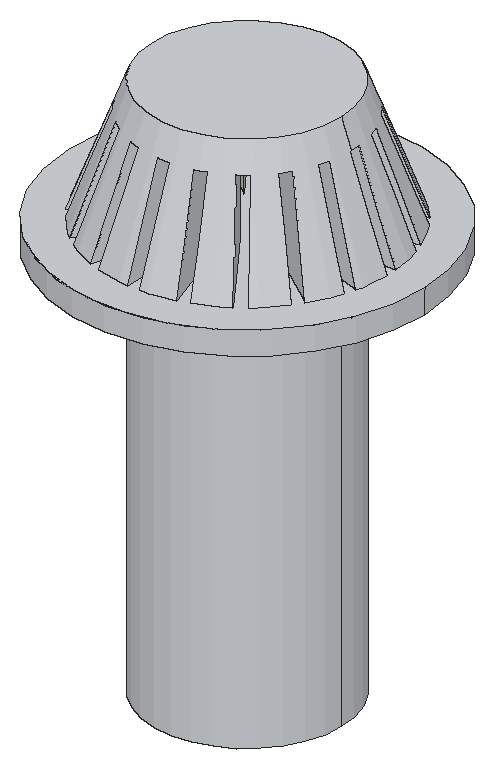
Revit family "30ce4ad0bd6b46ecb4714544674097fd", category Mechanical Equipment, host Face, Revit 2021
Family settings
  Host = Face
  Round Connector Dimension = Use Radius
  Part Type = Normal
  OmniClass Number = 23.70.50.24.17
  OmniClass Title = Siphonic Drains
  Seek Item ID = Roof Drain-0000-USA-ENU
  Cut with Voids When Loaded = No
  Shared = No
  Room Calculation Point = No
Parameters (values of type "15" Strainer - 8" Drain")
  Pipe Radius = 4"
  Pipe Diameter = Pipe Radius * 2  # 8"
  Roof Drain Material = none
  Pipe Material = none
  Overall Radius = 0' - 7 1/2"
  Overall Diameter = Overall Radius * 2  # 1' - 3"
  Default Elevation = 0' - 0"
  Assembly Code = ""
Reference planes (in)
  plane 1 "Center (Front/Back)": y = 0
  plane 2: z = 0
  plane 3 "Center (Left/Right)": x = 0
Forms (in)
  Extrusion 1, solid, material <- "Pipe Material"
    sketch origin (0, 0, 0) x (1, 0, 0) y (0, 1, 0)
      loop
        circle (0, 0) r 4
    from -16.79912 to 0
  Extrusion 2, solid, material <- "Roof Drain Material"
    sketch origin (0, 0, 0) x (1, 0, 0) y (0, 1, 0)
      loop
        circle (0, 0) r 7.5
    from 0 to 1
  Blend 3, solid, material <- "Roof Drain Material"
    base sketch origin (0, 0, 0) x (1, 0, 0) y (0, 1, 0)
      loop
        circle (0, 0) r 6
    top sketch origin (0, 0, 0) x (1, 0, 0) y (0, 1, 0)
      loop
        circle (0, 0) r 4
    from 1 to 6.25
  Extrusion 4, void
    sketch origin (1.50294, 0, 0) x (1, 0, 0) y (0, 1, 0)
      loop
        line (-1.75294, 7) -> (-1.75294, -6.78171) -> (-1.25294, -6.78171) -> (-1.25294, 7) -> (-1.75294, 7)
    from 1 to 5.13242
  Extrusion 5, void
    sketch origin (1.28006, 0.90425, 0) x (0.809017, 0.587785, 0) y (-0.587785, 0.809017, 0)
      loop
        line (-1.75294, 7) -> (-1.75294, -6.78171) -> (-1.25294, -6.78171) -> (-1.25294, 7) -> (-1.75294, 7)
    from 1 to 5.13242
  Extrusion 6, void
    sketch origin (0.97171, 1.26089, 0) x (0.587785, 0.809017, 0) y (-0.809017, 0.587785, 0)
      loop
        line (-1.75294, 7) -> (-1.75294, -6.78171) -> (-1.25294, -6.78171) -> (-1.25294, 7) -> (-1.75294, 7)
    from 1 to 5.13242
  Extrusion 7, void
    sketch origin (0.56824, 1.5048, 0) x (0.309017, 0.951057, 0) y (-0.951057, 0.309017, 0)
      loop
        line (-1.75294, 7) -> (-1.75294, -6.78171) -> (-1.25294, -6.78171) -> (-1.25294, 7) -> (-1.75294, 7)
    from 1 to 5.13242
  Extrusion 8, void
    sketch origin (0.10915, 1.61209, 0) x (0, 1, 0) y (-1, 0, 0)
      loop
        line (-1.75294, 7) -> (-1.75294, -6.78171) -> (-1.25294, -6.78171) -> (-1.25294, 7) -> (-1.75294, 7)
    from 1 to 5.13242
  Extrusion 9, void
    sketch origin (-0.36063, 1.57225, 0) x (-0.309017, 0.951057, 0) y (-0.951057, -0.309017, 0)
      loop
        line (-1.75294, 7) -> (-1.75294, -6.78171) -> (-1.25294, -6.78171) -> (-1.25294, 7) -> (-1.75294, 7)
    from 1 to 5.13242
  Extrusion 10, void
    sketch origin (-0.7951, 1.3892, 0) x (-0.587785, 0.809017, 0) y (-0.809017, -0.587785, 0)
      loop
        line (-1.75294, 7) -> (-1.75294, -6.78171) -> (-1.25294, -6.78171) -> (-1.25294, 7) -> (-1.75294, 7)
    from 1 to 5.13242
  Extrusion 11, void
    sketch origin (-1.15175, 1.08085, 0) x (-0.809017, 0.587785, 0) y (-0.587785, -0.809017, 0)
      loop
        line (-1.75294, 7) -> (-1.75294, -6.78171) -> (-1.25294, -6.78171) -> (-1.25294, 7) -> (-1.75294, 7)
    from 1 to 5.13242
  Extrusion 12, void
    sketch origin (-1.39565, 0.67738, 0) x (-0.951057, 0.309017, 0) y (-0.309017, -0.951057, 0)
      loop
        line (-1.75294, 7) -> (-1.75294, -6.78171) -> (-1.25294, -6.78171) -> (-1.25294, 7) -> (-1.75294, 7)
    from 1 to 5.13242
  Extrusion 13, void
    sketch origin (1.46311, 0.46978, 0) x (0.951057, 0.309017, 0) y (-0.309017, 0.951057, 0)
      loop
        line (-1.75294, 7) -> (-1.75294, -6.78171) -> (-1.25294, -6.78171) -> (-1.25294, 7) -> (-1.75294, 7)
    from 1 to 5.13242
Cuts and joins
  Extrusion 4, Extrusion 5, Extrusion 6, Extrusion 7, Extrusion 8, Extrusion 9, Extrusion 10, Extrusion 11, Extrusion 12, Extrusion 13 cuts Blend 3
  Extrusion 4, Extrusion 5, Extrusion 6, Extrusion 7, Extrusion 8, Extrusion 9, Extrusion 10, Extrusion 11, Extrusion 12, Extrusion 13 cuts Extrusion 1
  Extrusion 4, Extrusion 5, Extrusion 6, Extrusion 7, Extrusion 8, Extrusion 9, Extrusion 10, Extrusion 11, Extrusion 12, Extrusion 13 cuts Extrusion 2
Dimensions and locks (in)
  "Pipe Radius": radius of Extrusion 1 sketch curve
  "Overall Radius": radius of Extrusion 2 sketch curve
  aligned and locked: plane 2 to host face
  aligned and locked: level to host face
  aligned and locked: Blend 3 to Extrusion 2
  aligned and locked: level to Extrusion 1
  aligned and locked: plane 1 "Center (Front/Back)" to Extrusion 2 sketch curve
  aligned and locked: plane 3 "Center (Left/Right)" to Extrusion 2 sketch curve
Automatic sketch dimensions
  Extrusion 1 sketch curve to plane 1 "Center (Front/Back)" = 0' - 0"
  Extrusion 1 sketch curve to plane 3 "Center (Left/Right)" = 0' - 0"
  Blend 3 sketch curve to plane 1 "Center (Front/Back)" = 0' - 0"  (x2)
  Blend 3 sketch curve to plane 3 "Center (Left/Right)" = 0' - 0"  (x2)
  Extrusion 4 sketch curve to plane 3 "Center (Left/Right)" = 0' - 0 1/4"
  plane 3 "Center (Left/Right)" to Extrusion 4 sketch curve = 0' - 0 1/4"
  plane 1 "Center (Front/Back)" to Extrusion 4 sketch curve = 0' - 6.78171"
  Extrusion 4 sketch curve to plane 1 "Center (Front/Back)" = 0' - 7"
  plane 3 "Center (Left/Right)" to Extrusion 5 sketch curve = 0' - 3.84809"
  plane 1 "Center (Front/Back)" to Extrusion 5 sketch curve = 0' - 5.61262"
  Extrusion 5 sketch curve to Extrusion 5 sketch curve = 0' - 0 1/2"
  Extrusion 5 sketch curve to Extrusion 5 sketch curve = 1' - 1.78171"
  plane 1 "Center (Front/Back)" to Extrusion 6 sketch curve = 0' - 4.14345"
  plane 3 "Center (Left/Right)" to Extrusion 6 sketch curve = 0' - 5.42787"
  Extrusion 6 sketch curve to Extrusion 6 sketch curve = 0' - 0 1/2"
  Extrusion 6 sketch curve to Extrusion 6 sketch curve = 1' - 1.78171"
  plane 1 "Center (Front/Back)" to Extrusion 7 sketch curve = 0' - 2.25801"
  plane 3 "Center (Left/Right)" to Extrusion 7 sketch curve = 0' - 6.47634"
  Extrusion 7 sketch curve to Extrusion 7 sketch curve = 0' - 0 1/2"
  Extrusion 7 sketch curve to Extrusion 7 sketch curve = 1' - 1.78171"
  plane 1 "Center (Front/Back)" to Extrusion 8 sketch curve = 0' - 0.14085"
  Extrusion 8 sketch curve to plane 1 "Center (Front/Back)" = 0' - 0.35915"
  plane 3 "Center (Left/Right)" to Extrusion 8 sketch curve = 0' - 6.89085"
  Extrusion 8 sketch curve to plane 3 "Center (Left/Right)" = 0' - 6.89085"
  Extrusion 9 sketch curve to plane 1 "Center (Front/Back)" = 0' - 2.00077"
  plane 3 "Center (Left/Right)" to Extrusion 9 sketch curve = 0' - 6.63085"
  Extrusion 9 sketch curve to Extrusion 9 sketch curve = 0' - 0 1/2"
  Extrusion 9 sketch curve to Extrusion 9 sketch curve = 1' - 1.78171"
  Extrusion 10 sketch curve to plane 1 "Center (Front/Back)" = 0' - 3.95723"
  plane 3 "Center (Left/Right)" to Extrusion 10 sketch curve = 0' - 5.72176"
  Extrusion 10 sketch curve to Extrusion 10 sketch curve = 0' - 0 1/2"
  Extrusion 10 sketch curve to Extrusion 10 sketch curve = 1' - 1.78171"
  plane 3 "Center (Left/Right)" to Extrusion 11 sketch curve = 0' - 4.2526"
  Extrusion 11 sketch curve to plane 1 "Center (Front/Back)" = 0' - 5.53702"
  Extrusion 11 sketch curve to Extrusion 11 sketch curve = 0' - 0 1/2"
  Extrusion 11 sketch curve to Extrusion 11 sketch curve = 1' - 1.78171"
  plane 3 "Center (Left/Right)" to Extrusion 12 sketch curve = 0' - 2.36716"
  Extrusion 12 sketch curve to plane 1 "Center (Front/Back)" = 0' - 6.58548"
  Extrusion 12 sketch curve to Extrusion 12 sketch curve = 0' - 0 1/2"
  Extrusion 12 sketch curve to Extrusion 12 sketch curve = 1' - 1.78171"
  plane 3 "Center (Left/Right)" to Extrusion 13 sketch curve = 0' - 1.89163"
  plane 1 "Center (Front/Back)" to Extrusion 13 sketch curve = 0' - 6.5217"
  Extrusion 13 sketch curve to Extrusion 13 sketch curve = 0' - 0 1/2"
  Extrusion 13 sketch curve to Extrusion 13 sketch curve = 1' - 1.78171"
  host sketch curve to host sketch curve = 8' - 0"  (x2)
  radius of Blend 3 sketch curve = 0' - 6"
  radius of Blend 3 sketch curve = 0' - 4"
Connectors (in)
  piping at (0, 0, -16.79912), diameter 8, driven by "Pipe Radius"
    settings: on cut or joined group of Extrusion 1, Extrusion 4, Extrusion 5, Extrusion 6, Extrusion 7, Extrusion 8, Extrusion 9, Extrusion 10, Extrusion 11, Extrusion 12, Extrusion 13, index 1, connector inside diameter 8", connector length 0' - 0", flow factor 0, pipe flow 0 GPM, pressure drop 0.00 psi, fitting loss kfactor 0, connector angle 0.00°, fixture units 0, engagement length 0' - 0", angle of deflection 0.00°, flow configuration 1, flow direction 2, fitting loss method 0, system type 16, joint type 0, gender type 0, connector reference index -1, connector utility 0, adjustable connector no, is connector primary yes, connector description "Out"
